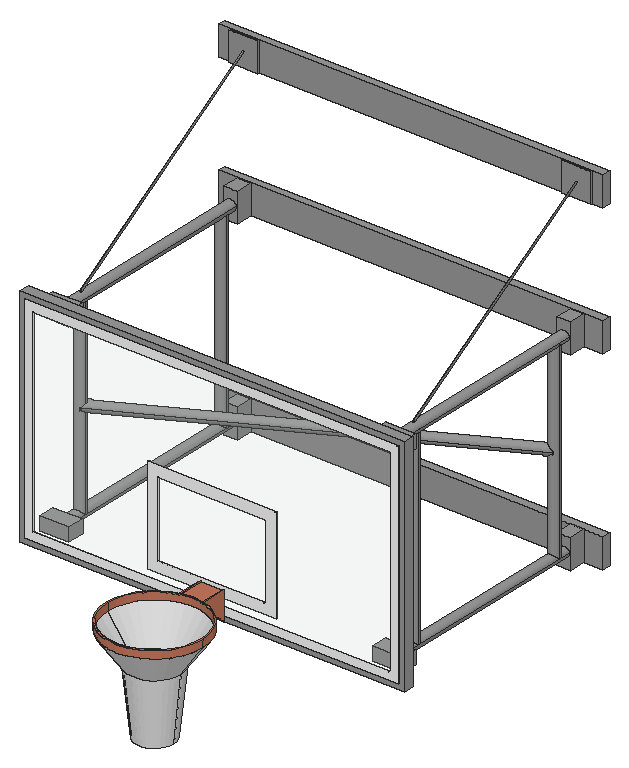
Revit family "Basketball-Structure_Wall-Mount_Side-Fold_PKGxxSFRG", category Generic Models, Revit 2018
Family settings
  Can host rebar = No
  Round Connector Dimension = Use Diameter
  Part Type = Normal
  OmniClass Number = 23.40.50.34.24
  OmniClass Title = Nets
  Work Plane-Based = No
  Always vertical = Yes
  Cut with Voids When Loaded = No
  Shared = No
  Room Calculation Point = No
Parameters (values of type "PKG46STRG")
  Width = 6' - 0"
  Wall Plate Material = Wood
  URL = "https://ipibybison.com/"
  Test Data = "http://www.ipibybison.com/ToolBox.php"
  Suspension Type = "Telescoping"
  Support Tubing Material = Steel - Tubular Support
  Support Tubing Diameter = 0' - 1.9"
  Specification = "https://www.arcat.com/arcatcos/cos49/arc49571.html"
  Sales Information = "http://www.ipibybison.com/DealersPage.php"
  Revision = "R1_2018-09"
  Product Data = "http://www.arcat.com/arcatcos/cos38/arc38554.html"
  PKG82STRG Extension Range = "96\" to 144\""
  PKG68STRG Extension Range = "72\" to 96\""
  PKG46STRG Extension Range = "48\" to 72\""
  Netting = Finish - IPI by Bison - White Netting
  Mounting Height [instance] = 8' - 0"
  Model = "As Specified"
  Manufacturer Website = "http://www.ipibybison.com/"
  Manufacturer Phone - Toll Free = "888-438-5311"
  Manufacturer Phone = "888-438-5311"
  Manufacturer Fax = "888-438-5312"
  Manufacturer Address = "603 L St.   Lincoln, NE 68508"
  Manufacturer = "IPI by Bison"
  Keynote = "11 66 00"
  Installation-Fabrication = "http://www.ipibybison.com/InstallersPage.php"
  Hoop Finish = Powder Coat - Playground Orange
  Green Building-LEED = "https://www.arcat.com/green/green_building.shtml"
  Extension Depth = 4' - 0"
  Drawn By = "Sumex Design, Inc. / Robert S. Weygant, CSI, CDT, SCIP"
  Description = "IPI by Bison Gymnasium Equipment"
  Copyright = "©Arcat Inc."
  Construction Details = "https://www.arcat.com/downloads/38554-brpbis/bim/bison/BRP%20by%20bison"
  Category = ""
  Building Codes = "https://www.brpbybison.com/submittals.html"
  Backboard Material = Fiberglass - Backboard
  Backboard Height = 3' - 6"
  Backboard Frame Material = Steel - Tubular Support
Types (4): name | Extension Depth
  (no name) | 4' - 0"
  PKG46STRG | 4' - 0"
  PKG68STRG | 6' - 0"
  PKG82STRG | 8' - 0"
Reference planes (in)
  plane 1 "Back": y = 0
  plane 2 "Floor": z = 0
  plane 3 "Center (Left/Right)": x = 0
  plane 4 "Front": y = -48
  plane 5: y = -46
  plane 6 "Left": x = -36
  plane 7 "Right": x = 36
  plane 8 "Chain Alignment": x = -31.188
  plane 9 "Backboard Bottom": z = 96
  plane 10 "Chain Alignment 2": x = 31.188
  plane 11 "Top": z = 138
  plane 12: z = 135.091
  plane 13: z = 98.909
  plane 14: y = -1.5
  plane 15: z = 137.841
  plane 16: z = 132.341
  plane 17: z = 96.159
  plane 18: z = 101.659
  plane 19: x = -32.438
  plane 20: x = -29.938
  plane 21: x = 32.438
  plane 22: x = 29.938
  plane 23: z = 101.25
  plane 24: y = -48.0625
  plane 25: y = -6.9
  plane 26: z = 156.841
  plane 27 "Top Plate": z = 162.341
  plane 28: z = 159.591
  plane 29: y = -39.83
  plane 30: z = 136.091
  plane 31: y = -42.812
  plane 32: y = -4.688
  plane 33 "Cross Bar": z = 117
Forms (in)
  Extrusion 1, solid, material "Steel - Tubular Support" <- "Support Tubing Material"
    sketch origin (0, 0, 0) x (1, 0, 0) y (0, 0, 1)
      loop
        circle (-31.188, 98.909) r 0.95
      loop
        circle (-31.188, 135.091) r 0.95
      loop
        circle (31.188, 98.909) r 0.95
      loop
        circle (31.188, 135.091) r 0.95
    from 4.688 to 42.812
  Extrusion 2, solid, material "Wood" <- "Wall Plate Material"
    sketch origin (0, 0, 0) x (0, 1, 0) y (0, 0, 1)
      loop
        line (0, 137.841) -> (-1.5, 137.841) -> (-1.5, 132.341) -> (0, 132.341) -> (0, 137.841)
      loop
        line (0, 101.659) -> (-1.5, 101.659) -> (-1.5, 96.159) -> (0, 96.159) -> (0, 101.659)
      loop
        line (0, 162.341) -> (-1.5, 162.341) -> (-1.5, 156.841) -> (0, 156.841) -> (0, 162.341)
    from -36 to 36
  Extrusion 3, solid, material "Steel - Tubular Support" <- "Support Tubing Material"
    sketch origin (0, 0, 0) x (1, 0, 0) y (0, 0, 1)
      loop
        line (-32.438, 137.841) -> (-32.438, 132.341) -> (-29.938, 132.341) -> (-29.938, 137.841) -> (-32.438, 137.841)
      loop
        line (29.938, 137.841) -> (29.938, 132.341) -> (32.438, 132.341) -> (32.438, 137.841) -> (29.938, 137.841)
      loop
        line (-32.438, 101.659) -> (-32.438, 96.159) -> (-29.938, 96.159) -> (-29.938, 101.659) -> (-32.438, 101.659)
      loop
        line (29.938, 101.659) -> (29.938, 96.159) -> (32.438, 96.159) -> (32.438, 101.659) -> (29.938, 101.659)
    from 1.5 to 4.688
  Extrusion 4, solid, material "Steel - Tubular Support" <- "Support Tubing Material"
    sketch origin (0, 0, 0) x (1, 0, 0) y (0, 0, 1)
      loop
        line (-33.938, 133.841) -> (-28.438, 133.841) -> (-28.438, 136.341) -> (-33.938, 136.341) -> (-33.938, 133.841)
      loop
        line (33.938, 133.841) -> (33.938, 136.341) -> (28.438, 136.341) -> (28.438, 133.841) -> (33.938, 133.841)
      loop
        line (-33.938, 97.659) -> (-28.438, 97.659) -> (-28.438, 100.159) -> (-33.938, 100.159) -> (-33.938, 97.659)
      loop
        line (33.938, 97.659) -> (33.938, 100.159) -> (28.438, 100.159) -> (28.438, 97.659) -> (33.938, 97.659)
    from 42.812 to 46
  Extrusion 5, solid, material "Steel - Tubular Support" <- "Backboard Frame Material"
    sketch origin (0, 0, 0) x (1, 0, 0) y (0, 0, 1)
      loop
        line (-36, 138) -> (-36, 96) -> (36, 96) -> (36, 138) -> (-36, 138)
      loop
        line (-35, 137) -> (-35, 97) -> (35, 97) -> (35, 137) -> (-35, 137)
    from 46 to 48
  Extrusion 6, solid, material "Powder Coat - White"
    sketch origin (0, 0, 0) x (1, 0, 0) y (0, 0, 1)
      loop
        line (-35, 137) -> (-35, 97) -> (35, 97) -> (35, 137) -> (-35, 137)
      loop
        line (-33.5, 98.5) -> (33.5, 98.5) -> (33.5, 135.5) -> (-33.5, 135.5) -> (-33.5, 98.5)
      loop
        line (-12.061, 99.898) -> (12.061, 99.898) -> (12.061, 117.898) -> (-12.061, 117.898) -> (-12.061, 99.898)
      loop
        line (-10.061, 115.898) -> (-10.061, 101.898) -> (10.061, 101.898) -> (10.061, 115.898) -> (-10.061, 115.898)
    from 48 to 48.0625
  Extrusion 7, solid, material "Fiberglass - Backboard" <- "Backboard Material"
    sketch origin (0, 0, 0) x (1, 0, 0) y (0, 0, 1)
      loop
        line (-35, 137) -> (-35, 97) -> (35, 97) -> (35, 137) -> (-35, 137)
    from 46 to 48
  Sweep 8, solid, material "Steel - Tubular Support" <- "Support Tubing Material"
    path origin (-31.188, 0, 0) x (0, 1, 0) y (0, 0, 1)
      loop
        line (-1.75, 159.591) -> (-39.83, 136.091)
    profile origin (-31.188, -20.79, 147.841) x (0, 0.525169, -0.850998) y (1, 0, 0)
      loop
        circle (0, 0) r 0.125
  Sweep 9, solid, material "Steel - Tubular Support" <- "Support Tubing Material"
    path origin (31.188, 0, 0) x (0, 1, 0) y (0, 0, 1)
      loop
        line (-1.75, 159.591) -> (-39.83, 136.091)
    profile origin (31.188, -20.79, 147.841) x (0, -0.525169, 0.850998) y (-1, 0, 0)
      loop
        circle (0, 0) r 0.125
  Extrusion 10, solid, material "Steel - Tubular Support" <- "Support Tubing Material"
    sketch origin (0, 0, 0) x (1, 0, 0) y (0, 1, 0)
      loop
        circle (-31.188, -6.9) r 0.95
      loop
        circle (-31.188, -39.83) r 0.95
      loop
        circle (31.188, -6.9) r 0.95
      loop
        circle (31.188, -39.83) r 0.95
    from 98.909 to 135.091
  Sweep 11, solid, material "Steel - Tubular Support" <- "Support Tubing Material"
    path origin (0, 0, 117) x (-1, 0, 0) y (0, -1, 0)
      loop
        line (31.188, 39.83) -> (-31.188, 6.9)
    profile origin (0, -23.365, 117) x (-0.466862, 0.88433, 0) y (0, 0, 1)
      loop
        circle (0, 0) r 0.95
  Extrusion 12, solid, material "Steel - Tubular Support" <- "Support Tubing Material"
    sketch origin (0, 0, 0) x (1, 0, 0) y (0, 0, 1)
      loop
        line (-33.938, 156.841) -> (-28.438, 156.841) -> (-28.438, 162.341) -> (-33.938, 162.341) -> (-33.938, 156.841)
      loop
        line (33.938, 156.841) -> (33.938, 162.341) -> (28.438, 162.341) -> (28.438, 156.841) -> (33.938, 156.841)
    from 1.5 to 1.80058
Dimensions and locks (in)
  "Extension Depth": plane 1 "Back" to plane 4 "Front"
  locked: plane 5 to plane 4 "Front" at 2
  equal spacing: plane 6 "Left", plane 3 "Center (Left/Right)", plane 7 "Right"
  "Width": plane 6 "Left" to plane 7 "Right"
  "Mounting Height": plane 9 "Backboard Bottom" to level
  "Backboard Height": plane 11 "Top" to plane 9 "Backboard Bottom"
  plane 14 to plane 1 "Back" = 0' - 1 1/2"
  equal spacing: plane 15, plane 12, plane 16
  locked: plane 15 to plane 16 at 5.5
  equal spacing: plane 18, plane 13, plane 17
  locked: plane 18 to plane 17 at 5.5
  equal spacing: plane 20, plane 8 "Chain Alignment", plane 19
  locked: plane 20 to plane 19 at 2.5
  equal spacing: plane 22, plane 10 "Chain Alignment 2", plane 21
  locked: plane 22 to plane 21 at 2.5
  equal spacing: Extrusion 4 sketch curve, plane 8 "Chain Alignment", Extrusion 4 sketch curve  (x2)
  locked: Extrusion 4 sketch curve to Extrusion 4 sketch curve at 5.5  (x4)
  equal spacing: Extrusion 4 sketch curve, plane 12, Extrusion 4 sketch curve  (x2)
  locked: Extrusion 4 sketch curve to Extrusion 4 sketch curve at 2.5  (x4)
  equal spacing: Extrusion 4 sketch curve, plane 10 "Chain Alignment 2", Extrusion 4 sketch curve  (x2)
  equal spacing: Extrusion 4 sketch curve, plane 13, Extrusion 4 sketch curve  (x2)
  locked: plane 11 "Top" to Extrusion 5 sketch curve at 1
  locked: Extrusion 5 sketch curve to Extrusion 5 sketch curve at 1
  locked: Extrusion 5 sketch curve to plane 7 "Right" at 1
  locked: Extrusion 5 sketch curve to plane 6 "Left" at 1
  Extrusion 6 sketch curve to Extrusion 5 to plane 6 "Left" = 0' - 1 1/2" locked, 0' - 1" locked
  Extrusion 6 sketch curve to Extrusion 5 to plane 7 "Right" = 0' - 1 1/2" locked, 0' - 1" locked
  plane 11 "Top" to Extrusion 5 to Extrusion 6 sketch curve = 0' - 1" locked, 0' - 1 1/2" locked
  Extrusion 6 sketch curve to Extrusion 5 to plane 9 "Backboard Bottom" = 0' - 1 1/2" locked, 0' - 1" locked
  locked: plane 19 to plane 6 "Left" at 3.562
  locked: plane 21 to plane 7 "Right" at 3.562
  locked: Extrusion 6 to plane 6 "Left" at 1
  locked: Extrusion 6 to plane 7 "Right" at 1
  locked: Extrusion 6 to plane 9 "Backboard Bottom" at 1
  locked: plane 11 "Top" to Extrusion 6 at 1
  locked: plane 23 to plane 9 "Backboard Bottom" at 5.25
  locked: plane 4 "Front" to plane 24 at 0.0625
  equal spacing: Extrusion 6 sketch curve, plane 3 "Center (Left/Right)", Extrusion 6 sketch curve
  locked: Extrusion 6 sketch curve to Extrusion 6 sketch curve at 2  (x4)
  locked: Extrusion 6 sketch curve to Extrusion 6 sketch curve at 14
  locked: Extrusion 6 sketch curve to plane 9 "Backboard Bottom" at 3.898
  locked: plane 25 to plane 1 "Back" at 6.9
  equal spacing: plane 27 "Top Plate", plane 28, plane 26
  locked: plane 27 "Top Plate" to plane 26 at 5.5
  locked: plane 27 "Top Plate" to plane 15 at 24.5
  locked: plane 17 to plane 9 "Backboard Bottom" at 0.159
  locked: plane 11 "Top" to plane 15 at 0.159
  locked: plane 30 to plane 12 at 1
  locked: plane 31 to plane 24 at 5.2505
  locked: plane 14 to plane 32 at 3.188
  equal spacing: plane 12, plane 33 "Cross Bar", plane 13
  locked: plane 29 to plane 31 at 2.982
  locked: Extrusion 12 sketch curve to plane 6 "Left" at 2.062
  locked: Extrusion 12 sketch curve to Extrusion 12 sketch curve at 5.5  (x2)
  locked: Extrusion 12 sketch curve to plane 7 "Right" at 2.062
  locked: plane 14 to Extrusion 12 at 0.30058
  "Support Tubing Diameter": diameter of Extrusion 1 sketch curve  (x4)
  "Support Tubing Diameter": diameter of Extrusion 10 sketch curve  (x2)
  "Support Tubing Diameter": diameter of Sweep 11 sketch curve
  aligned and locked: plane 2 "Floor" to level
  aligned and locked: plane 8 "Chain Alignment" to Extrusion 1 sketch curve  (x2)
  aligned and locked: plane 13 to Extrusion 1 sketch curve  (x2)
  aligned and locked: plane 12 to Extrusion 1 sketch curve  (x2)
  aligned and locked: plane 10 "Chain Alignment 2" to Extrusion 1 sketch curve  (x2)
  aligned and locked: Extrusion 2 sketch curve to plane 15
  aligned and locked: plane 14 to Extrusion 2 sketch curve  (x3)
  aligned and locked: plane 1 "Back" to Extrusion 2 sketch curve  (x3)
  aligned and locked: plane 16 to Extrusion 2 sketch curve
  aligned and locked: Extrusion 2 sketch curve to plane 18
  aligned and locked: plane 17 to Extrusion 2 sketch curve
  aligned and locked: Extrusion 2 to plane 6 "Left"
  aligned and locked: Extrusion 2 to plane 7 "Right"
  aligned and locked: plane 16 to Extrusion 3 sketch curve  (x2)
  aligned and locked: plane 19 to Extrusion 3 sketch curve  (x2)
  aligned and locked: plane 20 to Extrusion 3 sketch curve  (x2)
  aligned and locked: Extrusion 3 sketch curve to plane 15  (x2)
  aligned and locked: plane 21 to Extrusion 3 sketch curve  (x2)
  aligned and locked: plane 22 to Extrusion 3 sketch curve  (x2)
  aligned and locked: plane 17 to Extrusion 3 sketch curve  (x2)
  aligned and locked: Extrusion 3 sketch curve to plane 18  (x2)
  aligned and locked: plane 14 to Extrusion 3
  aligned and locked: Extrusion 4 to plane 5
  aligned and locked: plane 6 "Left" to Extrusion 5 sketch curve
  aligned and locked: Extrusion 5 sketch curve to plane 11 "Top"
  aligned and locked: plane 9 "Backboard Bottom" to Extrusion 5 sketch curve
  aligned and locked: plane 7 "Right" to Extrusion 5 sketch curve
  aligned and locked: plane 5 to Extrusion 5
  aligned and locked: Extrusion 5 to plane 4 "Front"
  aligned and locked: plane 5 to Extrusion 7
  aligned and locked: nested 1 to plane 3 "Center (Left/Right)"
  aligned and locked: plane 23 to nested 1
  aligned and locked: nested 1 to plane 4 "Front"
  aligned and locked: plane 4 "Front" to Extrusion 6
  aligned and locked: plane 24 to Extrusion 6
  aligned and locked: Extrusion 7 to plane 4 "Front"
  aligned and locked: plane 26 to Extrusion 2 sketch curve
  aligned and locked: Extrusion 2 sketch curve to plane 27 "Top Plate"
  aligned and locked: plane 29 to Sweep 8 sketch curve
  aligned and locked: plane 28 to Sweep 8 sketch curve
  aligned and locked: plane 30 to Sweep 8 sketch curve
  aligned and locked: plane 30 to Sweep 9 sketch curve
  aligned and locked: plane 29 to Sweep 9 sketch curve
  aligned and locked: Extrusion 1 to plane 31
  aligned and locked: plane 31 to Extrusion 4
  aligned and locked: Extrusion 3 to plane 32
  aligned and locked: plane 32 to Extrusion 1
  aligned and locked: plane 12 to Extrusion 10
  aligned and locked: plane 13 to Extrusion 10
  aligned and locked: plane 8 "Chain Alignment" to Extrusion 10 sketch curve  (x2)
  aligned and locked: plane 25 to Extrusion 10 sketch curve  (x2)
  aligned and locked: plane 29 to Extrusion 10 sketch curve  (x2)
  aligned and locked: plane 10 "Chain Alignment 2" to Extrusion 10 sketch curve  (x2)
  aligned and locked: plane 10 "Chain Alignment 2" to Sweep 11 sketch curve
  aligned and locked: plane 25 to Sweep 11 sketch curve
  aligned and locked: plane 29 to Sweep 11 sketch curve
  aligned and locked: plane 8 "Chain Alignment" to Sweep 11 sketch curve
  aligned and locked: Extrusion 12 sketch curve to plane 27 "Top Plate"
  aligned and locked: plane 26 to Extrusion 12 sketch curve
  aligned and locked: plane 27 "Top Plate" to Extrusion 12 sketch curve
  aligned and locked: Extrusion 12 sketch curve to plane 26
  aligned and locked: plane 14 to Extrusion 12
Automatic sketch dimensions
  plane 6 "Left" to Extrusion 6 sketch curve = 0' - 1"
  Extrusion 6 sketch curve to plane 3 "Center (Left/Right)" = 1' - 0.061"
  plane 7 "Right" to Extrusion 6 sketch curve = 0' - 1"
  plane 17 to Extrusion 6 sketch curve = 0' - 0.841"
  Extrusion 6 sketch curve to plane 15 = 0' - 0.841"
  plane 6 "Left" to Extrusion 7 sketch curve = 0' - 1"
  plane 7 "Right" to Extrusion 7 sketch curve = 0' - 1"
  plane 17 to Extrusion 7 sketch curve = 0' - 0.841"
  Extrusion 7 sketch curve to plane 15 = 0' - 0.841"
  Sweep 8 sketch curve to plane 14 = 0' - 0 1/4"
  Sweep 8 sketch curve to plane 8 "Chain Alignment" = 0' - 0"
  Sweep 8 sketch curve to profile plane = 0' - 0"
  Sweep 9 sketch curve to plane 28 = 0' - 0"
  plane 14 to Sweep 9 sketch curve = 0' - 0 1/4"
  Sweep 9 sketch curve to plane 10 "Chain Alignment 2" = 0' - 0"
  profile plane to Sweep 9 sketch curve = 0' - 0"
  Sweep 11 sketch curve to profile plane = 0' - 0"
  profile plane to Sweep 11 sketch curve = 0' - 0"
  radius of Sweep 8 sketch curve = 0' - 0 1/8"
  radius of Sweep 9 sketch curve = 0' - 0 1/8"
  radius of Extrusion 10 sketch curve = 0' - 0.95"  (x2)
Nested families (in)
  nested 1: "Playground-System_Heavy-Duty-4_1-2in_PR52_Basket" at (0, -48, 101.25), Netting <- "Netting", Frame <- "Hoop Finish", type "Playground-System_Heavy-Duty-4_1-2in_PR52_Basket"
    with Netting Finish - IPI by Bison - White Netting, Frame Powder Coat - Playground Orange
Definition of nested family "Playground-System_Heavy-Duty-4_1-2in_PR52_Basket"
  Parameters (values of type "Playground-System_Heavy-Duty-4_1-2in_PR52_Basket")
    Netting [instance] = none
    Frame [instance] = none
  Reference planes (in)
    plane 1 "Center (Front/Back)": y = 0
    plane 2: z = 0
    plane 3 "Center (Left/Right)": x = 0
    plane 4 "Net": y = -13.5
    plane 5: x = -2.25
    plane 6: x = 2.25
  Forms (in)
    Extrusion 1, solid, material <- "Frame"
      sketch origin (0, 0, 0) x (1, 0, 0) y (0, 1, 0)
        loop
          circle (0, -13.5) r 9
        loop
          circle (0, -13.5) r 8.75
      from -1.38229 to 0
    Extrusion 2, solid, material <- "Frame"
      sketch origin (0, 0, 0) x (0, 1, 0) y (0, 0, 1)
        loop
          line (0, 0) -> (-4.75, 0) -> (-4.75, -1.1813) -> (0, -5.25) -> (0, 0)
      from -2.25 to -2.06458
    Extrusion 3, solid, material <- "Frame"
      sketch origin (0, 0, 0) x (0, 1, 0) y (0, 0, -1)
        loop
          line (0, 0) -> (0, 5.25) -> (-4.75, 1.1813) -> (-4.75, 0) -> (0, 0)
      from -2.25 to -2.06458
    Extrusion 4, solid, material <- "Frame"
      sketch origin (0, 0, 0) x (0, 1, 0) y (0, 0, 1)
        loop
          line (-4.75, 0) -> (-4.75, -0.25) -> (-0.25, -0.25) -> (-0.25, -5.03586) -> (0, -5.25) -> (0, 0) -> (-4.75, 0)
      from -2.06458 to 2.06458
    Revolve 5, solid, material <- "Netting"
      sketch origin (0, -13.5, 0) x (-1, 0, 0) y (0, 0, 1)
        loop
          line (9, -1.38229) -> (8.8474, -1.38229) -> (4.72063, -7.27592) -> (3.4482, -19.38229) -> (3.57389, -19.38229) -> (4.84157, -7.32114) -> (9, -1.38229)
        axis (0, -1.38229) -> (0, -19.38229)
      angle from 0 to 360
  Dimensions and locks (in)
    locked: level to Extrusion 1 at 1.38229
    locked: plane 4 "Net" to plane 1 "Center (Front/Back)" at 13.5
    equal spacing: plane 6, plane 3 "Center (Left/Right)", plane 5
    locked: plane 6 to plane 5 at 4.5
    aligned and locked: plane 2 to level
    aligned and locked: level to Extrusion 1
  Automatic sketch dimensions
    Extrusion 1 sketch curve to Extrusion 1 sketch curve = 0' - 0"  (x2)
    Extrusion 1 sketch curve to plane 3 "Center (Left/Right)" = 0' - 0"
    Extrusion 1 sketch curve to plane 4 "Net" = 0' - 0"
    Revolve 5 sketch curve to plane 3 "Center (Left/Right)" = 0' - 0"
    Revolve 5 sketch curve to plane 5 = 0' - 1.1982"
    Revolve 5 sketch curve to Revolve 5 sketch curve = 0' - 0.12569"
    Revolve 5 sketch curve to plane 5 = 0' - 2.47063"
    Revolve 5 sketch curve to Revolve 5 sketch curve = 0' - 0.12094"
    Revolve 5 sketch curve to level = 0' - 1.38229"  (x2)
    Revolve 5 sketch curve to plane 5 = 0' - 6.5974"
    Revolve 5 sketch curve to Revolve 5 sketch curve = 0' - 0.1526"
    Revolve 5 sketch curve to Revolve 5 sketch curve = 0' - 0.04522"
    Revolve 5 sketch curve to Revolve 5 sketch curve = 1' - 0.06115"
    Revolve 5 sketch curve to Revolve 5 sketch curve = 0' - 1"
    Revolve 5 sketch curve to Revolve 5 sketch curve = 0' - 5.89364"
    Extrusion 2 sketch curve to level = 0' - 0"
    Extrusion 2 sketch curve to plane 1 "Center (Front/Back)" = 0' - 0"
    Extrusion 2 sketch curve to level = 0' - 1.1813"
    plane 1 "Center (Front/Back)" to Extrusion 2 sketch curve = 0' - 4 3/4"
    Extrusion 2 sketch curve to level = 0' - 5 1/4"
    Extrusion 3 sketch curve to level = 0' - 0"
    Extrusion 3 sketch curve to plane 1 "Center (Front/Back)" = 0' - 0"
    Extrusion 3 sketch curve to level = 0' - 1.1813"
    plane 1 "Center (Front/Back)" to Extrusion 3 sketch curve = 0' - 4 3/4"
    Extrusion 3 sketch curve to level = 0' - 5 1/4"
    Extrusion 4 sketch curve to level = 0' - 0"
    Extrusion 4 sketch curve to plane 1 "Center (Front/Back)" = 0' - 0"
    plane 1 "Center (Front/Back)" to Extrusion 4 sketch curve = 0' - 0 1/4"
    Extrusion 4 sketch curve to level = 0' - 0 1/4"
    Extrusion 4 sketch curve to Extrusion 4 sketch curve = 0' - 4 1/2"
    Extrusion 4 sketch curve to Extrusion 4 sketch curve = 0' - 4.78586"
    Extrusion 4 sketch curve to Extrusion 4 sketch curve = 0' - 0.21414"
    radius of Extrusion 1 sketch curve = 0' - 9"
    radius of Extrusion 1 sketch curve = 0' - 8 3/4"
